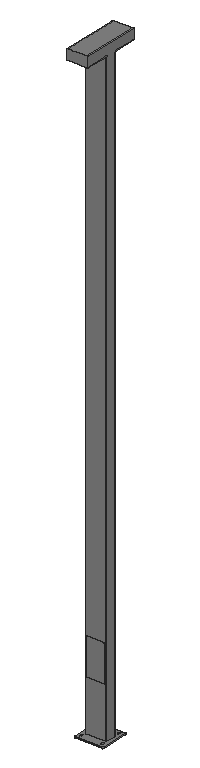
Revit family "Супремус В", category Осветительные приборы, Revit 2019 (continued)
Parameters (values of type "ДТУ121с10 Светодиодный светильник Супремус-B ДТУ-121-AF-ДТУП1212(60Вт)+ДТУП1212(60Вт)-6,0")
    .4 445.0 440.6 436.2 431.7 426.3 420.5 413.5 404.9 395.1\r\n 385.0 374.9 364.6 354.3 343.9 333.7 322.8 311.6 299.7 286.7 273.9 260.3 246.6 232.7 218.3 204.0 189.7 176.0 162.6 149.4 137.9\r\n 126.5 115.1 106.0 98.4 90.9 83.7 77.5 71.5 65.7 60.0 54.6 49.8 44.9 40.6 36.8 33.6 30.7 28.0 25.6 23.4 21.5 19.9 18.3 16.7 15.2\r\n 13.8 12.2 10.7 9.5 8.3 7.4 6.6 6.0 5.3 4.7 4.3 4.0 3.6 3.1 2.8 2.5 2.2 1.9 1.6 1.4 1.3 1.2 1.0 0.9 0.8 0.7 0.5 0.4 0.3 0.1 0.0\r\n 0.0 0.0 0.0 0.0 0.0 0.0 0.0 0.0 0.0 0.0 0.0 0.0 0.0 0.0 0.0 0.0 0.0 0.0 0.0 0.0 0.0 0.0 0.0 0.0 0.0 0.0 0.0 0.0 0.0 0.0 0.0 0.0\r\n 0.0 0.0 0.0 0.0 0.0 0.0 0.0 0.0 0.0 0.0 0.0 0.0 0.0 0.0 0.0 0.0 0.0 0.0 0.0 0.0 0.0 0.0 0.0 0.0 0.0 0.0 0.0 0.0 0.0 0.0 0.0 0.0\r\n 0.0 0.0 0.0 0.0 0.0 0.0 0.0 0.0 0.0 0.0 0.0 0.0 0.0 0.0 0.0 0.0 0.0 0.0 0.0 0.0 0.0 0.0 0.0 0.0 0.0 0.0 0.0 0.0 0.0 0.0 0.0 0.0\r\n 0.0 0.0 0.0 0.0 0.0 0.0 0.0 0.0 0.0 0.0 0.0 0.0 0.0 0.0 0.0 0.0 0.0 0.0 0.0 0.0 0.0 0.0 0.0 0.0 0.0 0.0 0.0 0.0 0.0 0.0 0.0 0.0\r\n 0.0 0.0 0.0 0.0 0.0 0.0 0.0 0.0 0.0 0.0 0.0 0.0 0.0 0.0 0.0 0.0 0.0 0.0 0.0 0.0 0.0 0.0 0.0 0.0 0.0 0.0 0.0 0.0 0.0 0.0\r\n275.6 277.2 278.7 280.3 282.0 283.5 285.2 287.0 288.8 290.5 292.5 294.4 296.3 298.1 299.8 301.6 303.3 304.7 306.1 307.5 308.8\r\n 310.0 311.3 312.2 313.3 314.3 315.6 316.5 317.6 318.9 320.0 321.4 322.5 323.5 324.6 325.4 326.1 327.0 327.6 328.5 329.2 329.8\r\n 330.3 331.2 332.0 332.7 333.2 333.7 334.2 335.0 335.9 336.6 337.8 338.9 340.0 341.3 342.7 344.3 345.7 347.3 348.9 350.6 352.6\r\n 354.5 356.5 359.0 361.0 363.6 366.0 368.8 371.8 374.4 376.7 379.1 381.5 383.8 386.4 388.6 390.3 392.3 394.5 396.5 398.5 400.0\r\n 402.0 404.3 405.9 407.6 410.5 413.3 416.0 418.7 421.0 423.7 425.9 428.1 430.0 432.2 434.3 436.0 438.2 440.1 441.5 442.6 443.3\r\n 443.5 443.5 442.8 441.9 440.2 437.9 434.3 430.1 425.6 421.4 417.3 412.7 407.7 401.8 396.0 390.3 385.1 379.2 372.9 365.9 358.2\r\n 350.0 341.5 333.0 323.5 314.0 304.3 294.4 284.3 272.7 260.4 248.0 235.4 221.9 208.4 195.0 181.1 166.5 152.1 139.0 126.0 113.4\r\n 102.9 93.3 84.7 76.4 68.2 61.1 54.1 48.8 44.3 40.3 36.7 33.6 31.0 28.6 26.5 24.8 23.5 22.6 21.8 21.1 20.3 19.6 18.6 17.5 16.2\r\n 14.6 13.0 11.6 10.5 9.5 8.5 7.7 6.9 6.5 6.1 5.8 5.2 4.7 4.1 3.5 2.9 2.4 2.1 1.8 1.6 1.5 1.4 1.3 1.1 1.0 0.9 0.8 0.7 0.6 0.0 0.0\r\n 0.0 0.0 0.0 0.0 0.0 0.0 0.0 0.0 0.0 0.0 0.0 0.0 0.0 0.0 0.0 0.0 0.0 0.0 0.0 0.0 0.0 0.0 0.0 0.0 0.0 0.0 0.0 0.0 0.0 0.0 0.0 0.0\r\n 0.0 0.0 0.0 0.0 0.0 0.0 0.0 0.0 0.0 0.0 0.0 0.0 0.0 0.0 0.0 0.0 0.0 0.0 0.0 0.0 0.0 0.0 0.0 0.0 0.0 0.0 0.0 0.0 0.0 0.0 0.0 0.0\r\n 0.0 0.0 0.0 0.0 0.0 0.0 0.0 0.0 0.0 0.0 0.0 0.0 0.0 0.0 0.0 0.0 0.0 0.0 0.0 0.0 0.0 0.0 0.0 0.0 0.0 0.0 0.0 0.0 0.0 0.0 0.0 0.0\r\n 0.0 0.0 0.0 0.0 0.0 0.0 0.0 0.0 0.0 0.0 0.0 0.0 0.0 0.0 0.0 0.0 0.0 0.0 0.0 0.0 0.0 0.0 0.0 0.0 0.0 0.0 0.0 0.0 0.0 0.0 0.0 0.0\r\n 0.0 0.0 0.0 0.0 0.0 0.0 0.0 0.0 0.0 0.0 0.0 0.0 0.0 0.0 0.0 0.0 0.0 0.0 0.0 0.0 0.0 0.0 0.0 0.0 0.0 0.0 0.0 0.0 0.0 0.0\r\n275.6 277.3 279.1 281.0 282.7 284.5 286.4 288.6 290.8 293.1 295.0 297.3 299.4 301.3 303.2 305.0 306.8 308.4 310.0 311.5 312.9\r\n 314.0 315.5 316.7 317.7 319.0 320.4 322.0 323.5 325.0 326.1 327.3 328.2 328.9 329.8 330.5 331.3 331.8 332.5 333.1 333.6 334.1\r\n 334.5 335.0 335.6 336.2 337.0 337.8 338.4 339.2 340.0 341.1 342.1 343.5 344.9 346.4 348.2 350.1 351.8 353.6 355.5 357.4 359.3\r\n 361.1 363.4 365.6 368.0 370.4 372.9 375.3 377.6 379.7 381.5 382.4 383.9 385.5 387.0 388.2 389.1 389.8 390.3 390.6 391.1 391.1\r\n 391.1 390.8 391.0 391.5 392.0 392.7 393.5 394.2 395.3 396.0 396.6 396.7 397.1 397.3 397.6 398.0 398.4 398.8 398.7 398.8 398.4\r\n 397.1 395.3 393.0 390.3 387.1 383.0 378.6 374.2 369.4 364.3 359.0 353.3 347.9 343.1 338.5 333.5 327.9 321.9 315.5 309.2 301.8\r\n 294.1 285.9 277.2 268.8 260.1 251.4 242.0 232.4 222.8 212.6 201.7 190.6 179.4 168.4 157.7 146.7 135.6 124.7 113.7 103.5 93.8 84.7\r\n 75.5 66.6 58.9 52.5 47.4 42.8 38.8 35.4 32.6 30.4 28.6 27.0 25.4 24.0 22.9 21.9 21.0 20.1 19.3 18.5 17.7 17.1 16.5 15.6 14.5 13.2\r\n 12.2 11.1 10.2 9.3 8.3 7.4 6.7 6.2 5.8 5.4 4.8 4.3 3.8 3.3 2.7 2.3 2.1 1.8 1.7 1.5 1.4 1.3 1.1 1.0 0.9 0.8 0.7 0.0 0.0 0.0 0.0\r\n 0.0 0.0 0.0 0.0 0.0 0.0 0.0 0.0 0.0 0.0 0.0 0.0 0.0 0.0 0.0 0.0 0.0 0.0 0.0 0.0 0.0 0.0 0.0 0.0 0.0 0.0 0.0 0.0 0.0 0.0 0.0 0.0\r\n 0.0 0.0 0.0 0.0 0.0 0.0 0.0 0.0 0.0 0.0 0.0 0.0 0.0 0.0 0.0 0.0 0.0 0.0 0.0 0.0 0.0 0.0 0.0 0.0 0.0 0.0 0.0 0.0 0.0 0.0 0.0 0.0\r\n 0.0 0.0 0.0 0.0 0.0 0.0 0.0 0.0 0.0 0.0 0.0 0.0 0.0 0.0 0.0 0.0 0.0 0.0 0.0 0.0 0.0 0.0 0.0 0.0 0.0 0.0 0.0 0.0 0.0 0.0 0.0 0.0\r\n 0.0 0.0 0.0 0.0 0.0 0.0 0.0 0.0 0.0 0.0 0.0 0.0 0.0 0.0 0.0 0.0 0.0 0.0 0.0 0.0 0.0 0.0 0.0 0.0 0.0 0.0 0.0 0.0 0.0 0.0 0.0 0.0\r\n 0.0 0.0 0.0 0.0 0.0 0.0 0.0 0.0 0.0 0.0 0.0 0.0 0.0 0.0 0.0 0.0 0.0 0.0 0.0 0.0 0.0 0.0 0.0 0.0 0.0 0.0 0.0 0.0\r\n275.6 277.5 279.4 281.5 283.5 285.5 287.7 290.2 292.8 295.1 297.8 300.0 302.1 304.2 306.4 308.3 310.2 311.9 313.5 314.9 316.3\r\n 317.9 319.1 320.6 322.1 323.9 325.6 327.0 328.5 329.8 330.7 331.6 332.5 333.4 334.2 335.0 335.6 336.2 336.5 336.9 337.5 337.9\r\n 338.5 339.2 340.1 340.6 341.3 342.3 343.2 344.1 345.4 346.6 347.9 349.0 350.4 351.8 352.9 354.3 355.7 357.3 359.0 360.7 362.7\r\n 364.7 366.6 368.3 370.0 371.6 373.1 374.5 375.8 376.5 377.0 377.7 378.6 379.4 379.7 379.5 379.0 377.9 377.1 375.9 373.9 371.9\r\n 370.4 369.2 368.1 366.4 364.8 363.7 362.4 360.9 360.1 359.0 357.7 355.8 353.4 351.2 349.1 346.6 344.1 341.5 338.3 334.8 331.3\r\n 327.9 324.2 320.6 316.4 311.9 306.9 301.6 296.5 291.2 285.9 280.3 274.3 268.3 261.7 255.8 250.2 244.6 238.6 232.4 225.7 218.4\r\n 210.8 203.6 196.5 189.1 182.2 175.5 168.9 162.7 155.6 148.3 140.7 132.8 124.3 115.6 107.1 98.1 89.8 81.9 74.2 67.1 61.4 55.8 51.8\r\n 48.3 44.8 41.8 39.1 36.6 34.5 32.5 30.7 29.2 27.7 26.2 24.7 23.3 22.0 20.6 19.3 18.1 17.0 16.1 15.2 14.4 13.6 12.9 12.1 11.3 10.5\r\n 9.8 9.1 8.4 7.7 7.2 6.7 6.4 6.2 5.7 4.9 4.4 3.9 3.4 2.9 2.5 2.2 2.0 1.8 1.7 1.5 1.4 1.3 1.2 1.1 1.0 0.9 0.0 0.0 0.0 0.0 0.0 0.0\r\n 0.0 0.0 0.0 0.0 0.0 0.0 0.0 0.0 0.0 0.0 0.0 0.0 0.0 0.0 0.0 0.0 0.0 0.0 0.0 0.0 0.0 0.0 0.0 0.0 0.0 0.0 0.0 0.0 0.0 0.0 0.0 0.0\r\n 0.0 0.0 0.0 0.0 0.0 0.0 0.0 0.0 0.0 0.0 0.0 0.0 0.0 0.0 0.0 0.0 0.0 0.0 0.0 0.0 0.0 0.0 0.0 0.0 0.0 0.0 0.0 0.0 0.0 0.0 0.0 0.0\r\n 0.0 0.0 0.0 0.0 0.0 0.0 0.0 0.0 0.0 0.0 0.0 0.0 0.0 0.0 0.0 0.0 0.0 0.0 0.0 0.0 0.0 0.0 0.0 0.0 0.0 0.0 0.0 0.0 0.0 0.0 0.0 0.0\r\n 0.0 0.0 0.0 0.0 0.0 0.0 0.0 0.0 0.0 0.0 0.0 0.0 0.0 0.0 0.0 0.0 0.0 0.0 0.0 0.0 0.0 0.0 0.0 0.0 0.0 0.0 0.0 0.0 0.0 0.0 0.0 0.0\r\n 0.0 0.0 0.0 0.0 0.0 0.0 0.0 0.0 0.0 0.0 0.0 0.0 0.0 0.0 0.0 0.0 0.0 0.0 0.0 0.0 0.0 0.0 0.0 0.0 0.0 0.0\r\n275.6 277.6 279.6 281.7 284.0 286.2 288.8 291.4 294.2 297.1 299.7 302.2 304.5 306.8 309.0 311.0 313.1 314.7 316.4 318.1 319.4\r\n 321.0 322.7 324.6 326.4 328.3 329.8 331.2 332.4 333.5 334.7 335.7 336.7 337.7 338.3 339.0 339.5 340.1 340.5 341.2 341.9 342.6\r\n 343.2 344.1 344.9 345.6 346.6 347.6 348.8 349.9 350.8 351.5 352.5 353.2 354.3 355.4 356.3 357.5 358.3 359.2 360.2 361.2 362.3\r\n 363.6 364.4 365.1 365.7 366.0 366.3 366.5 366.0 365.8 366.1 366.8 367.6 368.1 367.6 366.7 365.1 363.3 360.9 357.6 354.4 352.2\r\n 349.7 347.1 344.3 341.1 338.4 335.0 331.3 328.1 325.2 321.5 317.6 313.4 308.9 304.0 299.3 294.8 290.4 285.8 281.0 276.0 270.9\r\n 265.5 260.0 253.9 247.6 241.4 235.2 228.7 222.1 215.0 208.2 201.9 196.1 190.6 184.9 179.4 173.5 167.1 160.9 154.6 148.6 142.5\r\n 136.9 131.7 127.2 122.6 118.1 113.7 108.9 103.9 98.9 94.0 89.1 84.0 79.1 74.2 69.4 64.7 60.3 56.3 52.6 49.4 46.6 44.3 42.3 40.5\r\n 38.7 37.0 35.3 33.8 32.2 30.8 29.6 28.3 27.0 25.7 24.5 23.4 22.1 20.8 19.6 18.5 17.4 16.5 15.5 14.5 13.4 12.4 11.4 10.6 9.7 9.1\r\n 8.3 7.7 7.1 6.5 6.0 5.7 5.5 5.1 4.7 4.3 3.8 3.4 3.0 2.8 2.5 2.3 2.1 2.0 1.8 1.7 1.5 1.4 1.3 1.1 1.0 0.0 0.0 0.0 0.0 0.0 0.0 0.0\r\n 0.0 0.0 0.0 0.0 0.0 0.0 0.0 0.0 0.0 0.0 0.0 0.0 0.0 0.0 0.0 0.0 0.0 0.0 0.0 0.0 0.0 0.0 0.0 0.0 0.0 0.0 0.0 0.0 0.0 0.0 0.0 0.0\r\n 0.0 0.0 0.0 0.0 0.0 0.0 0.0 0.0 0.0 0.0 0.0 0.0 0.0 0.0 0.0 0.0 0.0 0.0 0.0 0.0 0.0 0.0 0.0 0.0 0.0 0.0 0.0 0.0 0.0 0.0 0.0 0.0\r\n 0.0 0.0 0.0 0.0 0.0 0.0 0.0 0.0 0.0 0.0 0.0 0.0 0.0 0.0 0.0 0.0 0.0 0.0 0.0 0.0 0.0 0.0 0.0 0.0 0.0 0.0 0.0 0.0 0.0 0.0 0.0 0.0\r\n 0.0 0.0 0.0 0.0 0.0 0.0 0.0 0.0 0.0 0.0 0.0 0.0 0.0 0.0 0.0 0.0 0.0 0.0 0.0 0.0 0.0 0.0 0.0 0.0 0.0 0.0 0.0 0.0 0.0 0.0 0.0 0.0\r\n 0.0 0.0 0.0 0.0 0.0 0.0 0.0 0.0 0.0 0.0 0.0 0.0 0.0 0.0 0.0 0.0 0.0 0.0 0.0 0.0 0.0 0.0 0.0 0.0 0.0\r\n275.6 277.7 279.8 282.1 284.6 287.0 289.8 292.9 296.0 298.8 301.6 304.2 306.6 308.9 311.1 313.3 315.2 317.1 319.0 320.6 322.3\r\n 324.1 326.3 328.3 330.0 331.6 333.1 334.3 335.4 336.5 338.0 338.8 339.6 340.7 341.3 341.9 342.7 343.6 344.4 345.2 345.9 346.8\r\n 347.8 348.6 349.7 350.6 351.4 352.2 352.9 353.5 354.1 354.9 355.6 356.5 356.8 357.3 357.9 358.2 358.5 359.2 359.6 359.6 359.6\r\n 359.6 359.6 359.2 358.8 358.1 357.7 357.2 356.8 356.3 356.5 356.6 356.2 354.9 352.9 350.1 347.3 344.3 340.2 336.1 332.9 329.3\r\n 325.5 321.3 316.8 312.4 307.1 302.2 297.9 293.2 288.0 282.6 277.0 270.5 264.2 257.7 251.5 245.5 239.2 232.5 225.3 218.1 210.7\r\n 203.4 196.5 189.9 183.3 176.6 170.1 163.9 158.4 153.1 147.9 142.6 137.5 132.4 127.4 122.8 118.8 114.6 110.2 105.8 101.9 98.1 94.6\r\n 91.0 87.1 83.3 79.8 76.4 72.7 69.1 65.4 61.8 58.2 54.9 51.9 49.1 46.9 45.0 43.3 41.6 40.0 38.5 37.0 35.5 34.0 32.7 31.4 30.0 28.8\r\n 27.5 26.4 25.3 24.3 23.5 22.6 21.8 20.9 19.9 19.1 18.3 17.5 16.7 15.9 15.2 14.4 13.4 12.6 11.9 11.1 10.3 9.7 9.1 8.6 8.0 7.3 6.6\r\n 6.3 5.9 5.5 5.1 4.7 4.3 4.0 3.7 3.3 3.0 2.8 2.5 2.3 2.1 2.0 1.9 1.7 1.6 1.4 1.2 1.1 0.0 0.0 0.0 0.0 0.0 0.0 0.0 0.0 0.0 0.0 0.0\r\n 0.0 0.0 0.0 0.0 0.0 0.0 0.0 0.0 0.0 0.0 0.0 0.0 0.0 0.0 0.0 0.0 0.0 0.0 0.0 0.0 0.0 0.0 0.0 0.0 0.0 0.0 0.0 0.0 0.0 0.0 0.0 0.0\r\n 0.0 0.0 0.0 0.0 0.0 0.0 0.0 0.0 0.0 0.0 0.0 0.0 0.0 0.0 0.0 0.0 0.0 0.0 0.0 0.0 0.0 0.0 0.0 0.0 0.0 0.0 0.0 0.0 0.0 0.0 0.0 0.0\r\n 0.0 0.0 0.0 0.0 0.0 0.0 0.0 0.0 0.0 0.0 0.0 0.0 0.0 0.0 0.0 0.0 0.0 0.0 0.0 0.0 0.0 0.0 0.0 0.0 0.0 0.0 0.0 0.0 0.0 0.0 0.0 0.0\r\n 0.0 0.0 0.0 0.0 0.0 0.0 0.0 0.0 0.0 0.0 0.0 0.0 0.0 0.0 0.0 0.0 0.0 0.0 0.0 0.0 0.0 0.0 0.0 0.0 0.0 0.0 0.0 0.0 0.0 0.0 0.0 0.0\r\n 0.0 0.0 0.0 0.0 0.0 0.0 0.0 0.0 0.0 0.0 0.0 0.0 0.0 0.0 0.0 0.0 0.0 0.0 0.0 0.0 0.0\r\n275.6 277.8 280.1 282.5 285.1 287.9 290.9 293.9 297.1 300.3 303.1 305.7 308.4 310.8 313.2 315.3 317.5 319.4 321.2 323.2 325.2\r\n 327.6 329.5 331.4 333.1 334.5 335.9 337.4 338.6 339.9 341.1 342.0 343.0 343.8 344.7 345.7 346.8 347.6 348.4 349.5 350.5 351.6\r\n 352.7 353.7 354.4 355.1 355.7 356.2 356.6 357.4 357.8 358.3 358.5 358.7 358.8 358.7 359.0 359.0 358.5 358.4 358.3 357.9 357.7\r\n 357.2 356.6 355.9 355.2 354.6 353.6 352.4 351.3 350.6 350.2 349.0 347.3 344.5 340.7 336.9 333.1 328.4 323.4 318.5 314.1 309.2\r\n 304.1 298.7 293.0 286.7 280.6 275.0 269.3 262.6 255.2 248.0 240.6 233.4 226.3 219.7 212.7 205.6 198.5 191.4 184.4 177.6 171.1\r\n 164.7 158.3 151.9 146.2 141.2 136.8 132.7 128.4 124.2 119.9 115.6 111.6 107.9 104.4 100.9 97.5 94.4 91.5 88.8 85.7 82.4 79.1 75.7\r\n 72.1 68.6 64.7 60.9 57.1 53.8 50.7 48.1 45.7 43.7 42.0 40.4 39.0 37.5 36.0 34.3 32.6 31.0 29.4 27.9 26.5 25.2 24.0 23.0 22.0 21.1\r\n 20.4 19.7 19.0 18.4 17.8 17.0 16.1 15.4 14.7 14.1 13.5 12.9 12.4 11.9 11.3 10.5 10.1 9.6 9.1 8.6 8.3 7.9 7.5 7.1 6.8 6.6 6.5 5.9\r\n 5.4 5.0 4.6 4.1 3.8 3.5 3.2 2.9 2.7 2.5 2.3 2.1 2.0 1.9 1.7 1.5 1.4 1.3 1.1 0.0 0.0 0.0 0.0 0.0 0.0 0.0 0.0 0.0 0.0 0.0 0.0 0.0\r\n 0.0 0.0 0.0 0.0 0.0 0.0 0.0 0.0 0.0 0.0 0.0 0.0 0.0 0.0 0.0 0.0 0.0 0.0 0.0 0.0 0.0 0.0 0.0 0.0 0.0 0.0 0.0 0.0 0.0 0.0 0.0 0.0\r\n 0.0 0.0 0.0 0.0 0.0 0.0 0.0 0.0 0.0 0.0 0.0 0.0 0.0 0.0 0.0 0.0 0.0 0.0 0.0 0.0 0.0 0.0 0.0 0.0 0.0 0.0 0.0 0.0 0.0 0.0 0.0 0.0\r\n 0.0 0.0 0.0 0.0 0.0 0.0 0.0 0.0 0.0 0.0 0.0 0.0 0.0 0.0 0.0 0.0 0.0 0.0 0.0 0.0 0.0 0.0 0.0 0.0 0.0 0.0 0.0 0.0 0.0 0.0 0.0 0.0\r\n 0.0 0.0 0.0 0.0 0.0 0.0 0.0 0.0 0.0 0.0 0.0 0.0 0.0 0.0 0.0 0.0 0.0 0.0 0.0 0.0 0.0 0.0 0.0 0.0 0.0 0.0 0.0 0.0 0.0 0.0 0.0 0.0\r\n 0.0 0.0 0.0 0.0 0.0 0.0 0.0 0.0 0.0 0.0 0.0 0.0 0.0 0.0 0.0 0.0 0.0 0.0 0.0\r\n275.6 277.9 280.3 282.8 285.5 288.5 291.6 294.8 298.1 301.3 304.1 307.0 309.6 312.0 314.4 316.6 318.8 321.0 323.0 325.3 327.7\r\n 329.8 331.8 333.6 335.3 336.6 338.2 339.8 341.0 342.3 343.3 344.3 345.4 346.5 347.7 348.7 349.7 350.8 352.1 353.1 354.3 355.3\r\n 356.1 357.0 357.7 358.1 358.7 359.3 359.8 359.9 360.2 360.0 359.7 359.6 359.4 359.0 358.4 358.0 357.8 357.4 357.1 356.6 356.0\r\n 355.3 354.5 353.3 352.1 350.6 349.3 348.0 346.5 345.6 344.1 341.8 338.7 334.1 329.8 325.8 321.1 315.9 310.0 305.3 299.6 293.4\r\n 287.0 280.1 272.6 264.4 256.7 249.6 241.8 233.5 225.6 217.5 209.0 201.7 194.9 188.0 180.9 173.7 166.3 158.9 151.9 145.6 140.0\r\n 134.7 129.9 125.7 122.2 118.8 115.4 111.9 108.3 105.0 102.0 99.3 96.7 94.0 91.3 88.9 86.6 84.0 81.3 78.5 75.4 72.4 69.2 65.7 62.3\r\n 58.8 55.7 53.0 50.3 48.0 45.9 44.0 42.3 40.6 38.9 37.0 35.1 33.2 31.3 29.4 27.7 26.1 24.6 23.4 22.2 21.1 20.2 19.4 18.7 18.0 17.2\r\n 16.4 15.6 14.8 14.2 13.6 13.1 12.5 12.0 11.5 10.9 10.4 10.0 9.4 8.6 8.1 7.6 7.3 6.9 6.5 6.3 6.1 5.8 5.6 5.5 5.6 5.4 4.9 4.8 4.3\r\n 4.0 3.7 3.4 3.1 2.9 2.7 2.5 2.3 2.2 2.0 1.9 1.8 1.7 1.5 1.4 1.3 1.2 0.0 0.0 0.0 0.0 0.0 0.0 0.0 0.0 0.0 0.0 0.0 0.0 0.0 0.0 0.0\r\n 0.0 0.0 0.0 0.0 0.0 0.0 0.0 0.0 0.0 0.0 0.0 0.0 0.0 0.0 0.0 0.0 0.0 0.0 0.0 0.0 0.0 0.0 0.0 0.0 0.0 0.0 0.0 0.0 0.0 0.0 0.0 0.0\r\n 0.0 0.0 0.0 0.0 0.0 0.0 0.0 0.0 0.0 0.0 0.0 0.0 0.0 0.0 0.0 0.0 0.0 0.0 0.0 0.0 0.0 0.0 0.0 0.0 0.0 0.0 0.0 0.0 0.0 0.0 0.0 0.0\r\n 0.0 0.0 0.0 0.0 0.0 0.0 0.0 0.0 0.0 0.0 0.0 0.0 0.0 0.0 0.0 0.0 0.0 0.0 0.0 0.0 0.0 0.0 0.0 0.0 0.0 0.0 0.0 0.0 0.0 0.0 0.0 0.0\r\n 0.0 0.0 0.0 0.0 0.0 0.0 0.0 0.0 0.0 0.0 0.0 0.0 0.0 0.0 0.0 0.0 0.0 0.0 0.0 0.0 0.0 0.0 0.0 0.0 0.0 0.0 0.0 0.0 0.0 0.0 0.0 0.0\r\n 0.0 0.0 0.0 0.0 0.0 0.0 0.0 0.0 0.0 0.0 0.0 0.0 0.0 0.0 0.0 0.0 0.0\r\n275.6 278.1 280.4 283.2 285.9 289.0 292.1 295.3 298.8 302.1 304.9 308.0 310.6 313.2 315.5 317.9 320.2 322.0 324.5 327.0 329.5\r\n 331.7 333.6 335.5 337.0 338.7 340.2 341.8 343.1 344.6 345.6 347.0 348.1 349.6 350.6 351.8 352.9 354.3 355.6 356.8 357.9 359.0\r\n 359.6 360.1 360.6 361.2 361.9 362.0 362.4 362.6 362.0 361.8 361.5 360.5 360.2 359.6 359.3 359.0 358.4 358.1 357.6 356.8 355.9\r\n 354.6 353.3 351.8 350.1 348.7 347.0 344.9 343.3 341.5 339.2 336.0 332.0 327.4 323.1 319.4 314.4 308.8 303.0 297.4 290.8 283.0\r\n 275.3 266.8 258.0 249.3 240.9 233.3 225.0 216.5 208.4 199.8 191.4 183.8 176.3 169.0 161.8 154.8 148.3 141.5 135.4 130.2 126.0\r\n 121.9 117.7 114.5 111.3 107.9 104.8 101.6 98.6 96.1 93.7 91.3 88.7 86.1 83.6 81.2 78.5 75.7 72.8 69.8 66.7 63.4 59.8 56.6 53.9\r\n 51.3 49.1 47.0 45.1 43.4 41.8 40.3 38.6 36.7 34.6 32.6 30.8 28.9 27.2 25.7 24.3 23.0 21.7 20.6 19.7 18.8 18.0 17.3 16.6 15.6 14.4\r\n 13.4 12.8 12.4 11.9 11.4 11.0 10.6 10.2 9.7 9.2 8.8 8.5 7.8 7.0 6.5 6.1 5.8 5.6 5.3 5.2 5.1 4.9 4.8 4.8 4.9 4.9 4.3 4.2 3.9 3.6\r\n 3.3 3.1 2.9 2.8 2.6 2.4 2.3 2.2 2.1 2.0 1.9 1.8 1.6 1.5 1.4 1.2 0.0 0.0 0.0 0.0 0.0 0.0 0.0 0.0 0.0 0.0 0.0 0.0 0.0 0.0 0.0 0.0\r\n 0.0 0.0 0.0 0.0 0.0 0.0 0.0 0.0 0.0 0.0 0.0 0.0 0.0 0.0 0.0 0.0 0.0 0.0 0.0 0.0 0.0 0.0 0.0 0.0 0.0 0.0 0.0 0.0 0.0 0.0 0.0 0.0\r\n 0.0 0.0 0.0 0.0 0.0 0.0 0.0 0.0 0.0 0.0 0.0 0.0 0.0 0.0 0.0 0.0 0.0 0.0 0.0 0.0 0.0 0.0 0.0 0.0 0.0 0.0 0.0 0.0 0.0 0.0 0.0 0.0\r\n 0.0 0.0 0.0 0.0 0.0 0.0 0.0 0.0 0.0 0.0 0.0 0.0 0.0 0.0 0.0 0.0 0.0 0.0 0.0 0.0 0.0 0.0 0.0 0.0 0.0 0.0 0.0 0.0 0.0 0.0 0.0 0.0\r\n 0.0 0.0 0.0 0.0 0.0 0.0 0.0 0.0 0.0 0.0 0.0 0.0 0.0 0.0 0.0 0.0 0.0 0.0 0.0 0.0 0.0 0.0 0.0 0.0 0.0 0.0 0.0 0.0 0.0 0.0 0.0 0.0\r\n 0.0 0.0 0.0 0.0 0.0 0.0 0.0 0.0 0.0 0.0 0.0 0.0 0.0 0.0 0.0 0.0\r\n275.6 278.0 280.5 283.3 286.2 289.3 292.5 296.0 299.4 302.5 305.7 308.7 311.2 313.8 316.2 318.5 320.7 323.0 325.4 328.1 330.4\r\n 332.7 334.7 336.4 337.9 339.7 341.2 342.7 344.1 345.6 347.0 348.2 349.7 351.1 352.3 353.5 355.1 356.3 357.7 358.7 360.0 360.9\r\n 361.5 361.9 362.6 363.0 363.4 363.6 363.6 363.1 362.6 362.0 361.2 360.6 360.1 359.7 359.3 358.7 358.3 357.9 357.2 355.9 354.8\r\n 353.5 351.8 350.0 348.1 346.3 344.1 341.8 339.1 336.5 333.5 329.6 325.5 320.7 317.0 312.5 307.0 301.0 294.3 287.3 279.2 270.6\r\n 262.2 253.1 243.5 234.7 226.2 218.3 210.2 202.4 193.6 184.4 175.6 167.8 160.7 154.1 147.5 141.1 134.4 128.6 123.8 119.5 115.6\r\n 112.6 109.6 106.4 103.5 100.7 97.9 95.4 93.1 90.6 87.8 85.5 83.2 81.0 78.6 76.2 73.3 70
